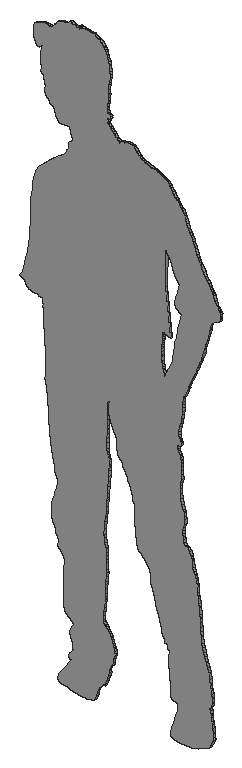
Revit family
Parameters (values of type "People_03_Multiple_views")
  built-in parameter 1005198 = (empty or 0)
  built-in parameter 1005195 = "d:\\byoh\\M25_HOL1_Santa.rpc"
  Assembly Code = ""
Reference planes (in)
  plane 1 "Center (Front/Back)": y = 0
  plane 2: z = 0
  plane 3 "Center (Left/Right)": x = 0
Forms (in)
  Extrusion 1, solid, material "Entourage-Figure"
    sketch origin (-17.5259, 0, -2.17156) x (1, 0, 0) y (0, 0, 1)
      loop
        line (20.87779, 45.09798) -> (21.40634, 40.29908) -> (21.29054, 40.39317) -> (21.16981, 40.44952) -> (21.00079, 40.48975) -> (20.86397, 40.53806) -> (20.78349, 40.53806) -> (20.67885, 40.60244) -> (20.63056, 40.5139) -> (20.61446, 40.38513) -> (20.59836, 40.34488) -> (20.59836, 40.19196) -> (20.62251, 39.97465) -> (20.64666, 39.76539) -> (20.58227, 39.62857) -> (20.57422, 39.59637) -> (20.53398, 39.41126) -> (20.52593, 39.16175) -> (20.52593, 39.00079) -> (20.52593, 38.72713) -> (20.52593, 38.43738) -> (20.52593, 38.34884) -> (20.52593, 38.23617) -> (20.51788, 37.82569) -> (20.53398, 37.75326) -> (20.56617, 37.56814) -> (20.61446, 37.30253) -> (20.69495, 37.00474) -> (20.82291, 36.51116) -> (20.97664, 36.83571) -> (21.08932, 36.88402) -> (21.16177, 37.10133) -> (21.27444, 37.37497) -> (21.40322, 37.64057) -> (21.5159, 37.91422) -> (21.62858, 38.26032) -> (21.65273, 38.373) -> (21.70101, 38.66273) -> (21.74126, 38.91223) -> (21.78955, 39.11346) -> (21.81369, 39.31466) -> (21.83784, 39.48368) -> (21.85394, 39.78953) -> (21.88613, 40.03099) -> (21.99076, 40.33684) -> (22.0471, 40.46561) -> (22.07929, 40.61852) -> (22.14369, 40.8761) -> (22.18393, 41.029) -> (22.20807, 41.38314) -> (22.22417, 41.50387) -> (22.3288, 41.84995) -> (22.36099, 42.01094) -> (22.3771, 42.14776) -> (22.62032, 43.01643) -> (21.99706, 43.43214) -> (21.84162, 43.8154) -> (21.99706, 44.36046) -> (22.19692, 44.96514) -> (22.41898, 45.76572) -> (21.86382, 46.48112) -> (21.81941, 46.78772) -> (21.4197, 47.74159) -> (21.24205, 48.18446) -> (20.95249, 48.53244) -> (20.87779, 45.09798)
      loop
        line (10.46525, 5.23716) -> (10.33648, 5.04399) -> (10.27209, 4.95546) -> (9.99039, 4.61742) -> (9.88576, 4.51279) -> (9.66845, 4.25524) -> (9.50748, 4.02988) -> (9.46723, 3.95744) -> (9.45919, 3.86086) -> (9.3948, 3.64355) -> (9.3948, 3.44233) -> (9.49943, 3.31356) -> (9.78918, 3.12039) -> (10.2077, 3.0721) -> (10.52159, 2.97552) -> (10.79524, 2.89502) -> (11.0367, 2.83869) -> (11.26206, 2.81456) -> (11.47937, 2.77431) -> (11.64839, 2.75821) -> (12.01862, 2.69381) -> (12.34861, 2.67773) -> (12.51763, 2.67773) -> (12.71885, 2.67773) -> (12.98445, 2.68577) -> (13.36272, 2.87894) -> (13.58004, 3.28137) -> (13.64443, 3.66768) -> (13.70881, 3.90915) -> (13.87783, 4.17475) -> (14.071, 4.31963) -> (14.22392, 4.4806) -> (14.29636, 4.63352) -> (14.48952, 4.62548) -> (14.54586, 4.77839) -> (14.6505, 5.10837) -> (14.73903, 5.33374) -> (14.82756, 5.67982) -> (14.98048, 5.97763) -> (14.9161, 6.18688) -> (14.98854, 6.46859) -> (15.27828, 6.83077) -> (15.30242, 7.11247) -> (15.40706, 7.49074) -> (15.51974, 7.86097) -> (15.50364, 8.25536) -> (15.45535, 8.51292) -> (15.35876, 8.75437) -> (15.24608, 9.05216) -> (15.11731, 9.42239) -> (14.90805, 9.86507) -> (14.69074, 10.13067) -> (14.51367, 10.31579) -> (14.40904, 10.42846) -> (14.31245, 10.63773) -> (14.28026, 10.86308) -> (14.25611, 11.18502) -> (14.29636, 11.59551) -> (14.36879, 11.99793) -> (14.45733, 12.79473) -> (14.46538, 13.06033) -> (14.45733, 13.37424) -> (14.48952, 13.87324) -> (14.52977, 14.3159) -> (14.54586, 14.59761) -> (14.57805, 15.08856) -> (14.6183, 15.41856) -> (14.59416, 15.7888) -> (14.58611, 16.36025) -> (14.57805, 16.69023) -> (14.59416, 17.06046) -> (14.61025, 17.37435) -> (14.59416, 17.72849) -> (14.41709, 18.28384) -> (14.36075, 18.70237) -> (14.3366, 19.04845) -> (14.3527, 19.59576) -> (14.40904, 20.27182) -> (14.48148, 20.72254) -> (14.55392, 21.2296) -> (14.59416, 21.76082) -> (14.65854, 22.34834) -> (14.66659, 22.68639) -> (14.68269, 23.03248) -> (14.73098, 23.7327) -> (14.81146, 24.21561) -> (14.83561, 24.76291) -> (14.85171, 25.31826) -> (14.87586, 25.81728) -> (14.87586, 26.32432) -> (14.77122, 26.67042) -> (14.71488, 26.95212) -> (14.6183, 27.37868) -> (14.63439, 27.9099) -> (14.6505, 28.26403) -> (14.66659, 28.78718) -> (14.69074, 29.16547) -> (14.67464, 29.59203) -> (14.69878, 30.10715) -> (14.72293, 30.55786) -> (14.71488, 30.97639) -> (14.70684, 31.27418) -> (14.76318, 31.68466) -> (14.77927, 31.9744) -> (14.81146, 31.84563) -> (14.82756, 31.36272) -> (14.85976, 30.96833) -> (14.8678, 30.78321) -> (14.9, 30.44519) -> (15.01268, 30.09909) -> (15.12536, 29.77715) -> (15.22999, 29.60009) -> (15.35876, 29.31839) -> (15.47144, 29.05277) -> (15.53583, 28.91596) -> (15.65656, 28.62621) -> (15.66461, 28.30427) -> (15.68876, 28.07892) -> (15.7129, 27.74088) -> (15.7451, 27.47526) -> (15.81753, 27.22577) -> (15.90606, 27.05675) -> (16.09923, 26.80723) -> (16.28435, 26.43702) -> (16.36483, 26.23579) -> (16.50971, 26.00238) -> (16.73507, 25.51947) -> (16.8075, 25.33435) -> (16.90409, 25.11704) -> (17.00067, 24.91583) -> (17.0892, 24.71462) -> (17.14554, 24.43292) -> (17.28237, 24.0144) -> (17.37895, 23.71661) -> (17.43529, 23.45905) -> (17.49968, 23.2015) -> (17.55602, 23.19345) -> (17.57212, 22.80712) -> (17.55602, 22.54152) -> (17.59626, 22.11494) -> (17.6365, 21.51935) -> (17.6526, 21.11693) -> (17.6848, 20.77889) -> (17.73308, 20.47304) -> (17.74114, 20.23159) -> (17.77333, 19.71647) -> (17.78942, 19.46697) -> (17.82162, 19.38649) -> (17.95844, 19.06454) -> (18.07112, 18.8231) -> (18.216, 18.58969) -> (18.4494, 18.29188) -> (18.73111, 18.05044) -> (18.90012, 17.85726) -> (19.06914, 17.54337) -> (19.17377, 17.38241) -> (19.28645, 16.94779) -> (19.30255, 16.66608) -> (19.34279, 16.08659) -> (19.44742, 15.94976) -> (19.62449, 15.16906) -> (19.72912, 14.82296) -> (19.84985, 14.29981) -> (19.96253, 13.91348) -> (20.1235, 13.35008) -> (20.28447, 12.91546) -> (20.37301, 12.52913) -> (20.45349, 12.1428) -> (20.52593, 11.86111) -> (20.62251, 11.51501) -> (20.76738, 11.17698) -> (20.85592, 10.98381) -> (20.94445, 10.93552) -> (21.04104, 10.93552) -> (21.09737, 10.7826) -> (21.12152, 10.66187) -> (21.17786, 10.48481) -> (21.29054, 10.29969) -> (21.33078, 10.21115) -> (21.27444, 9.86507) -> (21.22615, 9.39826) -> (21.24225, 9.01193) -> (21.2503, 8.78656) -> (21.29054, 8.52902) -> (21.31469, 8.29559) -> (21.35492, 8.02196) -> (21.37907, 7.97367) -> (21.39517, 7.65172) -> (21.40322, 7.44245) -> (21.41126, 7.28149) -> (21.41932, 6.97564) -> (21.42737, 6.55711) -> (21.44346, 6.24323) -> (21.4998, 6.00176) -> (21.63663, 5.74422) -> (21.67687, 5.73617) -> (21.7815, 5.70397) -> (22.14369, 5.69593) -> (22.17588, 5.68788) -> (22.15978, 5.40618) -> (22.16783, 5.12448) -> (22.15173, 4.91521) -> (22.03101, 4.44034) -> (22.00686, 4.40815) -> (21.87808, 3.9333) -> (21.80565, 3.5872) -> (21.54809, 3.04796) -> (21.49175, 2.67773) -> (21.45956, 2.21896) -> (21.54005, 2.13847) -> (21.77345, 2.09017) -> (22.24831, 1.92921) -> (22.6427, 1.86482) -> (23.11756, 1.83263) -> (23.689, 1.90507) -> (24.12363, 2.00969) -> (24.43752, 2.09823) -> (25.0814, 2.35579) -> (25.63675, 2.57309) -> (25.77358, 2.83064) -> (26.06332, 3.41818) -> (26.02308, 3.62745) -> (26.03113, 4.00573) -> (26.01503, 4.1828) -> (25.99088, 4.50475) -> (25.9104, 4.89912) -> (25.82187, 5.50276) -> (25.81382, 5.67982) -> (25.74943, 6.1064) -> (25.6287, 6.29957) -> (25.80577, 6.42834) -> (25.8782, 6.62956) -> (25.88626, 6.85491) -> (25.8943, 7.35391) -> (25.87016, 7.7322) -> (25.82992, 8.04609) -> (25.67699, 8.55315) -> (25.63675, 9.06021) -> (25.57236, 9.61557) -> (25.44358, 10.12263) -> (25.29066, 10.62967) -> (25.11359, 11.11258) -> (24.99287, 11.46672) -> (24.90433, 11.86915) -> (24.8158, 12.28767) -> (24.75946, 12.89131) -> (24.68702, 13.30983) -> (24.67897, 13.69616) -> (24.65483, 14.1469) -> (24.60654, 14.58956) -> (24.57434, 14.97589) -> (24.5502, 15.55538) -> (24.49386, 16.00611) -> (24.41337, 16.40854) -> (24.31679, 16.98802) -> (24.29265, 17.49508) -> (24.18801, 18.07457) -> (24.09948, 18.50919) -> (23.9546, 18.79894) -> (23.83388, 19.20943) -> (23.78558, 19.78088) -> (23.689, 20.1833) -> (23.51998, 20.56158) -> (23.22219, 20.86742) -> (23.02902, 21.03644) -> (22.8761, 21.26179) -> (22.85196, 21.48716) -> (22.80366, 21.80909) -> (22.77952, 22.09884) -> (22.77952, 22.3725) -> (22.81172, 22.64614) -> (22.95659, 23.00833) -> (22.99683, 23.45905) -> (22.94853, 23.7488) -> (22.9083, 24.11903) -> (22.77147, 24.40878) -> (22.63464, 24.81925) -> (22.55416, 25.30216) -> (22.49782, 25.76093) -> (22.46563, 26.23579) -> (22.46563, 26.58188) -> (22.56221, 26.87968) -> (22.63464, 27.22577) -> (22.60245, 27.6282) -> (22.5944, 28.06282) -> (22.5944, 28.37671) -> (22.60245, 28.71475) -> (22.58636, 29.00449) -> (22.57025, 29.24595) -> (22.49782, 29.46326) -> (22.29661, 29.83349) -> (22.24027, 30.02665) -> (22.20807, 30.32446) -> (22.35295, 30.32446) -> (22.49782, 30.35665) -> (22.5944, 30.43713) -> (22.62659, 30.68664) -> (22.48977, 30.92004) -> (22.40929, 31.09712) -> (22.33685, 31.39491) -> (22.32076, 31.66051) -> (22.43344, 32.15148) -> (22.53806, 32.49756) -> (22.6105, 32.69073) -> (22.67489, 32.93218) -> (22.67489, 33.0851) -> (22.72318, 33.44728) -> (22.75538, 33.76922) -> (22.74732, 34.09117) -> (22.74732, 34.37286) -> (22.77147, 34.63042) -> (22.79562, 35.00066) -> (22.8761, 35.18577) -> (22.95659, 35.2582) -> (23.24633, 35.86184) -> (23.21414, 35.87795) -> (23.4073, 36.15965) -> (23.36706, 36.22403) -> (23.4073, 36.40109) -> (23.56022, 36.70694) -> (23.58437, 36.79548) -> (23.7212, 37.03693) -> (23.83388, 37.25425) -> (23.93851, 37.4957) -> (24.11557, 37.82569) -> (24.21216, 38.04299) -> (24.24435, 38.22007) -> (24.36508, 38.53396) -> (24.518, 38.83981) -> (24.56629, 39.01687) -> (24.71117, 39.34685) -> (24.7836, 39.51588) -> (25.00896, 40.12757) -> (25.0814, 40.48171) -> (25.13774, 40.76341) -> (25.21018, 40.99681) -> (25.37115, 41.47168) -> (25.49187, 41.84995) -> (25.58846, 42.22019) -> (25.6609, 42.52604) -> (25.69309, 42.70311) -> (25.72528, 42.85602) -> (25.82187, 43.15383) -> (25.89215, 43.36467) -> (26.08059, 43.46864) -> (26.32892, 43.58039) -> (26.46586, 43.67822) -> (26.55429, 43.68503) -> (26.69916, 43.78161) -> (26.77159, 43.94257) -> (26.78769, 44.08746) -> (26.78769, 44.23232) -> (26.80378, 44.45769) -> (26.7555, 44.60256) -> (26.66697, 44.73135) -> (26.55429, 44.91645) -> (26.44965, 45.04523) -> (26.35307, 45.19816) -> (26.20015, 45.5362) -> (26.06332, 45.96276) -> (25.95064, 46.12373) -> (25.8943, 46.26861) -> (25.69309, 46.67908) -> (25.53212, 46.95273) -> (25.32285, 47.23443) -> (25.12164, 47.54833) -> (24.99287, 47.84613) -> (24.80775, 48.2083) -> (24.63873, 48.52221) -> (24.44557, 48.94877) -> (24.2685, 49.31901) -> (24.08338, 49.77778) -> (24.04314, 49.95484) -> (23.88217, 50.31702) -> (23.80973, 50.55042) -> (23.66486, 50.89652) -> (23.50389, 51.18627) -> (23.35901, 51.51626) -> (23.19804, 51.91063) -> (23.10146, 52.23257) -> (23.02098, 52.45794) -> (22.91634, 52.70744) -> (22.77952, 52.96498) -> (22.60245, 53.13401) -> (22.39319, 53.44791) -> (22.15173, 53.73765) -> (22.10344, 53.80205) -> (21.98271, 53.97105) -> (21.82174, 54.21251) -> (21.67687, 54.40567) -> (21.43541, 54.73567) -> (21.35492, 54.86444) -> (21.09737, 55.14614) -> (20.97664, 55.22664) -> (20.75934, 55.33931) -> (20.46154, 55.49224) -> (20.1074, 55.74174) -> (19.8418, 55.85442) -> (19.45547, 55.97515) -> (19.09329, 56.12807) -> (18.81159, 56.21661) -> (18.55404, 56.28904) -> (18.31258, 56.45) -> (18.09527, 56.61902) -> (17.86186, 56.88462) -> (17.67674, 57.16633) -> (17.47553, 57.33535) -> (17.0892, 57.40779) -> (16.87189, 57.40779) -> (16.58214, 57.35949) -> (16.40508, 57.35145) -> (16.21191, 57.25487) -> (16.13947, 57.22268) -> (16.02679, 57.16633) -> (15.91411, 57.27097) -> (15.62437, 57.50437) -> (15.49559, 57.72168) -> (15.33462, 57.9068) -> (15.22999, 58.04363) -> (15.04487, 58.22874) -> (14.94829, 58.34142) -> (14.81146, 58.50238) -> (14.74708, 58.62312) -> (14.83561, 58.7036) -> (14.81952, 58.97725) -> (14.66659, 58.91287) -> (14.67984, 59.0485) -> (14.8749, 59.06186) -> (15.08606, 59.14284) -> (14.87476, 59.21121) -> (15.07545, 59.30845) -> (14.8985, 59.41703) -> (14.73335, 59.52787) -> (14.70975, 59.79933) -> (14.70385, 60.00066) -> (14.70385, 60.17034) -> (14.72745, 60.43726) -> (14.76873, 60.58883) -> (14.81002, 61.06389) -> (14.84541, 61.32404) -> (14.78732, 61.39181) -> (14.77927, 61.75399) -> (14.82756, 62.22886) -> (14.8839, 62.51861) -> (15.02073, 62.96933) -> (15.02073, 63.24297) -> (14.95634, 63.58103) -> (14.90805, 64.12026) -> (14.82756, 64.42611) -> (14.71488, 64.78829) -> (14.57805, 65.3195) -> (14.29636, 65.74607) -> (14.08709, 66.00363) -> (13.77321, 66.26117) -> (13.43517, 66.50263) -> (13.27419, 66.59117) -> (13.08103, 66.56702) -> (12.9925, 66.58312) -> (12.66251, 66.67969) -> (12.21984, 66.69581) -> (11.76107, 66.85677) -> (12.04277, 66.70385) -> (11.72083, 66.56702) -> (11.29425, 66.67969) -> (10.89987, 66.83262) -> (10.78719, 66.93725) -> (10.63427, 66.80043) -> (10.35257, 66.58312) -> (9.99039, 66.57508) -> (9.74894, 66.51067) -> (9.3626, 66.34971) -> (9.08091, 66.1324) -> (8.96018, 65.82655) -> (8.82335, 65.71388) -> (8.5497, 65.67363) -> (8.40483, 65.79436) -> (7.93801, 65.77022) -> (6.93194, 65.44828) -> (6.82732, 65.20681) -> (6.81122, 64.76415) -> (6.81122, 64.63537) -> (6.80317, 64.52269) -> (6.81926, 64.06392) -> (6.88366, 63.84663) -> (7.02853, 63.50053) -> (7.18145, 63.3476) -> (7.43095, 63.28322) -> (7.60802, 63.4281) -> (7.76094, 63.58907) -> (7.68851, 63.4281) -> (7.61607, 63.18664) -> (7.59193, 62.84056) -> (7.57583, 62.72787) -> (7.55168, 62.3013) -> (7.55168, 62.04374) -> (7.55973, 61.77009) -> (7.64022, 61.52864) -> (7.65631, 61.44814) -> (7.61607, 61.35157) -> (7.55168, 61.1906) -> (7.56778, 61.08597) -> (7.60802, 61.03768) -> (7.68851, 60.93304) -> (7.7529, 60.80427) -> (7.82533, 60.71573) -> (7.91387, 60.68354) -> (7.87362, 60.426) -> (8.0185, 60.45819) -> (8.0185, 60.28917) -> (7.99592, 60.05625) -> (8.05097, 59.83303) -> (7.97232, 59.47105) -> (8.01165, 59.29006) -> (8.12176, 59.00951) -> (8.23974, 58.78026) -> (8.38068, 58.67946) -> (8.41288, 58.60702) -> (8.46117, 58.54263) -> (8.5658, 58.36556) -> (8.70262, 58.22874) -> (8.80726, 58.16434) -> (8.92798, 58.07582) -> (9.02457, 57.85849) -> (9.04066, 57.73778) -> (9.1131, 57.52851) -> (9.20163, 57.35949) -> (9.20968, 57.31926) -> (9.29017, 57.15827) -> (9.37065, 56.99731) -> (9.55577, 56.82025) -> (9.75698, 56.78) -> (9.926, 56.80415) -> (10.08697, 56.7961) -> (10.24794, 56.80415) -> (10.4733, 56.81219) -> (10.51355, 56.81219) -> (10.65842, 56.82025) -> (10.69866, 56.61902) -> (10.71476, 56.43392) -> (10.7389, 56.27296) -> (10.7711, 56.16832) -> (10.82744, 56.02344) -> (10.85963, 55.89466) -> (10.93207, 55.73368) -> (10.98841, 55.56468) -> (11.01256, 55.46808) -> (10.94817, 55.43589) -> (10.81134, 55.41174) -> (10.7711, 55.37956) -> (10.73888, 55.34734) -> (10.69866, 55.33126) -> (10.65842, 55.27493) -> (10.61012, 55.22663) -> (10.57793, 55.17029) -> (10.56184, 55.13006) -> (10.56184, 55.07371) -> (10.53769, 54.98518) -> (10.5055, 54.92883) -> (10.5055, 54.81616) -> (10.5055, 54.76787) -> (10.5055, 54.73567) -> (10.5055, 54.70348) -> (10.5055, 54.58275) -> (10.4733, 54.55861) -> (10.43306, 54.50227) -> (10.39282, 54.47007) -> (10.37672, 54.43787) -> (10.35257, 54.3735) -> (10.29623, 54.26886) -> (10.2238, 54.17227) -> (10.17551, 54.10788) -> (10.14331, 54.05155) -> (10.09502, 53.97105) -> (10.05478, 53.93082) -> (9.98234, 53.85838) -> (9.91795, 53.82618) -> (9.82137, 53.7457) -> (9.74894, 53.71351) -> (9.65235, 53.64912) -> (9.52357, 53.56059) -> (9.427, 53.4962) -> (9.33846, 53.4318) -> (9.25797, 53.37547) -> (9.15334, 53.29499) -> (9.07286, 53.2145) -> (8.96018, 53.12597) -> (8.8314, 53.04548) -> (8.65433, 52.9167) -> (8.57385, 52.84427) -> (8.45312, 52.75573) -> (8.38873, 52.69135) -> (8.25996, 52.57867) -> (8.14727, 52.49013) -> (8.03459, 52.40159) -> (7.88167, 52.26477) -> (7.72875, 52.15209) -> (7.66436, 52.09575) -> (7.51144, 51.95088) -> (7.44705, 51.8704) -> (7.38266, 51.77382) -> (7.34242, 51.73357) -> (7.25389, 51.62089) -> (7.16535, 51.47601) -> (7.08487, 51.36333) -> (7.04463, 51.27479) -> (7.00438, 51.17016) -> (6.98023, 51.10579) -> (6.91585, 50.93677) -> (6.89975, 50.83213) -> (6.86756, 50.73554) -> (6.83537, 50.65506) -> (6.78707, 50.4458) -> (6.72269, 50.24458) -> (6.69854, 50.05947) -> (6.67439, 49.80996) -> (6.65025, 49.62485) -> (6.65025, 49.47193) -> (6.65025, 49.30291) -> (6.61, 49.09366) -> (6.56976, 48.99706) -> (6.55366, 48.91658) -> (6.53757, 48.78781) -> (6.50537, 48.61879) -> (6.47318, 48.36123) -> (6.46513, 48.28075) -> (6.44098, 48.09563) -> (6.43294, 47.93465) -> (6.46513, 47.59662) -> (6.46513, 47.40345) -> (6.46513, 47.37126) -> (6.48123, 47.17004) -> (6.50537, 46.93664) -> (6.51342, 46.67908) -> (6.51342, 46.51811) -> (6.49732, 46.26861) -> (6.46513, 45.92251) -> (6.42489, 45.7052) -> (6.40879, 45.35912) -> (6.40074, 45.17401) -> (6.40074, 44.90841) -> (6.36855, 44.6911) -> (6.30416, 44.13575) -> (6.22367, 43.78161) -> (6.17538, 43.51601) -> (6.13514, 43.2987) -> (6.03856, 42.87212) -> (5.99832, 42.65482) -> (5.94198, 42.4375) -> (5.89369, 42.18801) -> (5.78906, 41.86605) -> (5.76491, 41.75339) -> (5.73271, 41.54412) -> (5.66028, 41.30266) -> (5.58784, 41.11754) -> (5.44297, 40.89218) -> (5.35443, 40.69902) -> (5.74076, 40.46561) -> (5.83735, 40.29659) -> (5.91783, 40.20001) -> (5.92588, 40.13563) -> (6.01441, 39.96661) -> (6.12709, 39.83782) -> (6.31221, 39.74126) -> (6.48123, 39.6688) -> (6.66634, 39.59637) -> (6.78707, 39.58028) -> (6.95609, 39.55612) -> (7.18145, 39.52393) -> (7.31023, 39.4998) -> (7.39071, 39.4676) -> (7.54363, 39.44345) -> (7.65631, 39.4193) -> (7.72875, 39.41126) -> (7.7529, 39.33077) -> (7.7529, 39.19395) -> (7.78509, 39.04906) -> (7.80119, 38.93639) -> (7.82533, 38.80762) -> (7.80119, 38.61444) -> (7.82533, 38.32471) -> (7.84948, 38.00276) -> (7.85753, 37.7452) -> (7.86558, 37.56009) -> (7.84948, 37.31864) -> (7.86558, 37.06912) -> (7.92191, 36.69889) -> (8.0024, 36.30452) -> (8.0185, 35.86184) -> (7.99435, 35.58014) -> (8.02655, 35.20187) -> (8.13118, 34.71896) -> (8.11508, 34.30044) -> (8.09899, 34.05898) -> (8.08289, 33.86582) -> (8.10703, 33.64849) -> (8.05874, 33.31047) -> (8.12313, 33.26218) -> (8.11508, 32.94023) -> (8.11508, 32.77925) -> (8.10703, 32.59413) -> (8.06679, 32.47342) -> (8.06679, 32.35269) -> (8.05874, 32.18367) -> (8.07484, 31.99855) -> (8.0185, 31.79734) -> (8.05069, 31.54783) -> (8.09094, 31.4432) -> (8.12313, 31.33857) -> (8.17142, 31.09712) -> (8.21166, 30.99248) -> (8.23581, 30.81542) -> (8.23581, 30.57396) -> (8.25191, 30.413) -> (8.268, 30.34859) -> (8.33239, 29.93007) -> (8.32434, 29.72886) -> (8.32434, 29.40693) -> (8.35654, 29.18156) -> (8.36459, 29.01254) -> (8.39678, 28.76304) -> (8.39678, 28.58596) -> (8.39678, 28.44109) -> (8.40483, 28.23184) -> (8.40483, 27.98232) -> (8.42897, 27.79722) -> (8.44507, 27.68453) -> (8.48531, 27.38674) -> (8.49336, 27.29016) -> (8.51751, 27.04064) -> (8.52556, 27.00041) -> (8.52556, 26.75894) -> (8.5658, 26.45311) -> (8.60604, 26.27604) -> (8.62214, 26.04263) -> (8.67043, 25.80922) -> (8.72677, 25.39874) -> (8.73482, 25.24583) -> (8.77506, 25.07681) -> (8.83945, 24.77096) -> (8.8475, 24.56169) -> (8.89579, 24.25586) -> (8.94408, 24.08684) -> (9.02457, 23.7327) -> (9.03262, 23.59587) -> (9.097, 23.28199) -> (9.18554, 23.00833) -> (9.24188, 22.79908) -> (9.34651, 22.41275) -> (9.3948, 22.18738) -> (9.29822, 21.8413) -> (9.26602, 21.76082) -> (9.17749, 21.45497) -> (9.08895, 21.20545) -> (9.02457, 20.93985) -> (8.93587, 20.68855) -> (8.78311, 20.50523) -> (8.70262, 20.1189) -> (8.74287, 19.76476) -> (8.76701, 19.6038) -> (8.75896, 19.41868) -> (8.75092, 19.35429) -> (8.75092, 19.19333) -> (8.77506, 19.03235) -> (8.75092, 18.79089) -> (8.82335, 18.45286) -> (8.8636, 18.35627) -> (8.94408, 18.20336) -> (9.0041, 18.04046) -> (9.08895, 17.92165) -> (9.1292, 17.80897) -> (9.13725, 17.58362) -> (9.17749, 17.43874) -> (9.29822, 17.26972) -> (9.37065, 17.14899) -> (9.41894, 16.98802) -> (9.44309, 16.819) -> (9.45919, 16.64998) -> (9.45919, 16.60169) -> (9.4109, 16.39244) -> (9.40211, 16.24309) -> (9.55577, 16.0222) -> (9.68454, 15.82903) -> (9.85357, 15.61172) -> (10.03868, 15.31393) -> (10.09502, 15.14491) -> (10.07088, 14.82296) -> (10.03063, 14.29981) -> (10.03063, 13.98592) -> (10.02259, 13.62374) -> (9.99844, 13.35814) -> (9.99844, 13.004) -> (10.00649, 12.674) -> (9.99844, 12.31182) -> (9.99844, 12.07036) -> (9.99844, 11.86111) -> (10.00649, 11.57136) -> (10.00649, 11.39429) -> (10.00649, 11.21722) -> (10.00649, 10.98381) -> (10.02259, 10.66992) -> (10.08697, 10.29969) -> (10.2077, 10.08238) -> (10.30428, 9.97774) -> (10.4894, 9.85701) -> (10.66647, 9.72019) -> (10.76305, 9.61557) -> (11.10013, 9.38381) -> (10.99646, 9.1246) -> (10.93207, 9.08437) -> (10.7711, 8.73827) -> (10.69866, 8.49681) -> (10.68256, 8.27951) -> (10.71476, 8.04609) -> (10.77915, 7.87709) -> (10.85963, 7.71611) -> (10.88378, 7.67587) -> (10.96427, 7.43441) -> (10.98036, 7.22514) -> (10.99646, 7.08831) -> (11.02061, 6.87102) -> (11.0367, 6.77442) -> (10.99874, 6.66815) -> (10.81939, 6.55711) -> (10.69866, 6.44444) -> (10.61013, 6.33177) -> (10.55379, 6.17884) -> (10.52964, 6.05811) -> (10.56989, 5.94543) -> (10.61818, 5.77641) -> (10.83549, 5.88909) -> (10.76305, 5.67982) -> (10.56989, 5.46253) -> (10.46525, 5.23716)
    from -0.09766 to 0.09766
